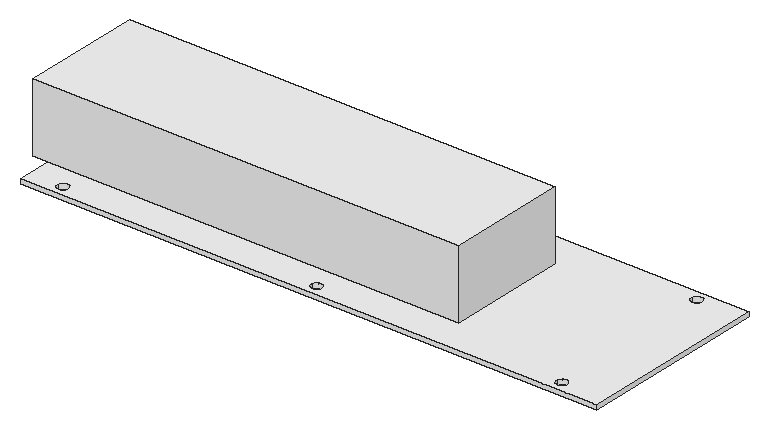
Revit family "KG37 - Free Swing Transom Closer", category Specialty Equipment, Revit 2020
Family settings
  Round Connector Dimension = Use Diameter
  Part Type = Normal
  Work Plane-Based = No
  Always vertical = No
  Cut with Voids When Loaded = No
  Shared = No
  Room Calculation Point = No
Parameters
  WarrantyStartDate [instance] = "1900-12-31T23:59:59"
  WarrantyGuarantorParts = "sales@kingswaygroup.co.uk"
  WarrantyGuarantorLabor = "n/a"
  WarrantyDurationUnit = "year"
  WarrantyDurationParts = "5"
  WarrantyDurationLabor = "n/a"
  WarrantyDescription = "5-Year Guarantee *For faulty manufacture and not for damage"
  Version = "1"
  Uniclass2015Version = "Products v1.36"
  Uniclass2015Title = "Controlled door closers"
  Uniclass2015Code = "Pr_30_36_59_15"
  URL = "https://kingswaygroupglobal.com/"
  TagNumber [instance] = "n/a"
  SustainabilityPerformance = "n/a"
  Size = "344 x 43 x 110 mm"
  Shape = "n/a"
  SerialNumber [instance] = "n/a"
  Revision = "n/a"
  ReplacementCost = "n/a"
  ProductInformation = "https://kingswaygroupglobal.com/product/free-swing-transom-closer?noredirect=true"
  NominalWidth = 110 mm  # constant formula
  NominalLength = 344 mm  # constant formula
  NominalHeight = 43 mm  # constant formula
  Name = "ControlledDoorClosers_FreeSwingTransomCloser_KG37_KingswayGroup"
  ModelReference = "Free Swing Transom Closer"
  ModelNumber = "KG37"
  PlateMaterial = NBS_Concept
  Model = ModelNumber  # "KG37"
  Material = "For full range of available material, contact Kingsway Group"
  ManufacturerURL = "https://kingswaygroupglobal.com/"
  ManufacturerName = "Kingsway Group"  # constant formula
  Manufacturer = ManufacturerName  # "Kingsway Group"
  InstallationDate [instance] = "1900-12-31T23:59:59"
  IfcExportType = "USERDEFINED"  # constant formula
  IfcExportAs = "IfcDiscreteAccessoryType"  # constant formula
  Grade = "n/a"
  Finish = "For full range of available finishes and colours, contact Kingsway Group"
  Features = "Suitable for doors up to 300kg, the KG37 Free Swing Closer allows the door to open in both directions without resistance"
  ExpectedLife = "n/a"
  DurationUnit = "year"
  Description = "Double Action Transom Closer - Free Swing"
  Default Elevation = 0 mm
  Constituents = "n/a"
  Color = "For full range of available finishes and colours, contact Kingsway Group"
  CodePerformance = "n/a"
  Category = "Pr_30_36_59_15:Controlled door closers"
  BarCode [instance] = "n/a"
  BIMObjectName = "KingswayGroup_ControlledDoorClosers_FreeSwingTransomCloser"
  Author = "Kingsway Group"  # constant formula
  AssetType = "Fixed"
  AssetIdentifier [instance] = "n/a"
  AccessibilityPerformance = "n/a"
Reference planes
  plane 1 "Center (Front/Back)": y = 0
  plane 2: z = 0
  plane 3 "Center (Left/Right)": x = 0
  plane 4: z = 2.5
  plane 5: z = 42.5
  plane 6: x = -211
  plane 7: x = 36
  plane 8: x = -163
Forms (mm)
  Extrusion 1, solid, material "NBS_Concept" <- "PlateMaterial"
    sketch origin (0, 0, 0) x (1, 0, 0) y (0, 1, 0)
      loop
        line (-202.5, 55.001) -> (-202.5, -54.999) -> (132.5, -54.999) -> (132.5, 55.001) -> (-202.5, 55.001)
      loop
        circle (-182.5, 49.001) r 3.2
      loop
        circle (-35, 49.001) r 3.2
      loop
        circle (107.5, 49.001) r 3.2
      loop
        circle (-182.5, -49.001) r 3.2
      loop
        circle (-35, -49.001) r 3.2
      loop
        circle (107.5, -49.001) r 3.2
    from 0 to 2.5
  Extrusion 2, solid, material "NBS_Concept" <- "PlateMaterial"
    sketch origin (0, 0, 0) x (1, 0, 0) y (0, 1, 0)
      loop
        line (-211, 35) -> (-211, -35) -> (36, -35) -> (36, 35) -> (-211, 35)
    from 2.5 to 42.5
  Extrusion 3, solid, material "NBS_Concept" <- "PlateMaterial"
    sketch origin (-75.501, 0, 0) x (1, 0, 0) y (0, 1, 0)
      loop
        line (-94.5, 7) -> (-94.5, -7) -> (-80.498, -7) -> (-80.498, 7) -> (-94.5, 7)
    from -15 to 0
  Extrusion 4, void
    sketch origin (-75.501, 0, 0) x (1, 0, 0) y (0, 1, 0)
      loop
        circle (-87.499, 0) r 17.5
      loop
        circle (-87.499, 0) r 12.499
    from 0 to 2.5
Cuts and joins
  Extrusion 4 cuts Extrusion 1
  Extrusion 4 cuts Extrusion 2
Dimensions and locks
  plane 4 to level = 2.5 mm
  plane 8 to cut or joined group of Extrusion 1, Extrusion 4 = 295.5 mm
  aligned and locked: level to plane 2
  aligned and locked: Extrusion 1 to plane 4
  aligned and locked: Extrusion 2 to plane 4
  aligned and locked: plane 4 to Extrusion 4
  aligned and locked: Extrusion 2 to plane 6
